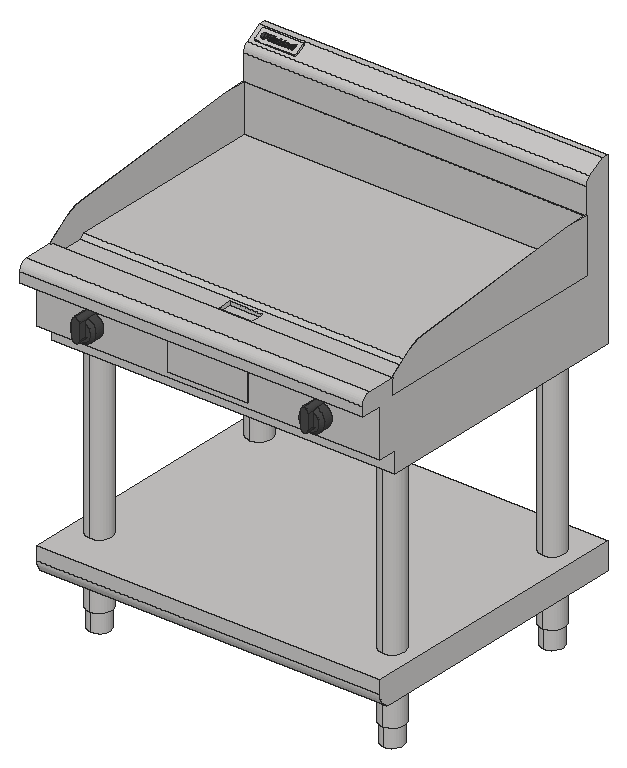
Revit family "QF_MOFFAT WALDORF_GP8900E-LS", category Specialty Equipment, Revit 2012
Parameters
  Weight in Pounds = 275.5775  # constant formula
  Width [instance] = 900.00 mm  # constant formula
  Watts = 12000 W
  Volts = 415 V
  URL Cutsheet = "www.moffat.com"
  URL = "www.moffat.com"
  Type Mark [instance] = ""
  Status [instance] = ""
  Specification by User [instance] = ""
  Specification by Manufacturer = ""
  Show Logo [instance] = yes
  Show Casters [instance] = no
  Serial Number = ""
  Seismic Rating = ""
  SMACNA No = ""
  Revision Code [instance] = ""
  Phase = 3
  Omniclass Number and Title = ""
  Number of Poles = 1
  NAFEM Spec ID Number = ""
  Model = "GP8900E-LS"
  Min Ckt Ampacity = 0 A
  Max Overcurrent Protection = 0 A
  Masterspec = ""
  Manufacturer = "MOFFAT WALDORF"
  Legs [instance] = not(Show Casters)  # yes
  Item Number [instance] = ""
  Installed By [instance] = ""
  Identify Quantity as Lot [instance] = yes
  Height = 1130.00 mm  # constant formula
  HP = ""
  Furnished By [instance] = ""
  Foodservice Equipment Identifier [instance] = yes
  FL Amps = 16.6 A
  Elec Conn RI Height = 0.00 mm
  Elec Conn Connection Height = 0.00 mm
  Description = "GRIDDLE PLATE ELECTRIC ON LEG STAND"
  Depth [instance] = 805.00 mm  # constant formula
  Cycle = 50 Hz
  Conn Plug = ""
  Conn Conduit = yes
  CSI MasterFormat = ""
  CSI Master Format = ""
  Back Splash [instance] = 215.00 mm  # constant formula
  Apparent Power = if(Phase = 3, Volts * FL Amps * 1.73, Volts * FL Amps)  # 11918 VA
Reference planes
  plane 1 "BACK": y = 0
  plane 2: z = 0
  plane 3 "LEFT": x = 0
  plane 4 "RIGHT": x = 900
  plane 5 "FRONT": y = -805
  plane 6 "TOP": z = 1130
  plane 7 "Center Y": x = 450
  plane 8 "Center X": y = -402.5
  plane 9 "Base Height": z = 150
  plane 10: z = 915
  plane 11: x = 65
  plane 12: x = 834
  plane 13: y = -625
  plane 14: y = -100
  plane 15: x = 770
  plane 16: y = -32
  plane 17: z = 710
Forms (mm)
  Extrusion 1, solid, material "QF_Finishes_Stainless Steel"
    sketch origin (0, 0, 0) x (0, 1, 0) y (0, 0, 1)
      loop
        line (0, 222.5) -> (-749, 222.5) -> (-749, 188)
        arc (-749, 188) -> (-737.87, 161.13) -> (-711, 150) r 38
        line (-711, 150) -> (0, 150) -> (0, 222.5)
      loop
        line (-805, 891) -> (-805, 866) -> (-749, 866) -> (-749, 740) -> (-699, 740) -> (-699, 685) -> (0, 685) -> (0, 1130) -> (-16.5, 1130) -> (-58, 1106.04)
        arc (-58, 1106.04) -> (-66.785, 1097.255) -> (-70, 1085.255) r 24
        line (-70, 1085.255) -> (-70, 875) -> (-705, 875) -> (-705, 915) -> (-781, 915)
        arc (-781, 915) -> (-797.971, 907.971) -> (-805, 891) r 24
    from 0 to 900
  Extrusion 2, solid, material "QF_Finishes_Stainless Steel"
    sketch origin (0, -699, 222.5) x (0, -1, 0) y (1, 0, 0)
      loop
        circle (-599, 65) r 31.75
      loop
        circle (-599, 834) r 31.75
      loop
        circle (-74, 65) r 31.75
      loop
        circle (-74, 834) r 31.75
    from 0 to 462.5
  Revolve 3, solid, material "QF_Finishes_Stainless Steel", visible <- "Legs"
    sketch origin (834, -210, 0) x (0, 1, 0) y (0, 0, -1)
      loop
        line (78.25, -150) -> (110, -150) -> (110, 0) -> (82.5, 0) -> (82.5, -50) -> (78.25, -50) -> (78.25, -150)
      axis (110, -150) -> (110, 0)
    angle from 0 to 360
  Revolve 4, solid, material "QF_Finishes_Stainless Steel"
    sketch origin (834, -735, 0) x (0, 1, 0) y (0, 0, -1)
      loop
        line (78.25, -150) -> (110, -150) -> (110, 0) -> (82.5, 0) -> (82.5, -50) -> (78.25, -50) -> (78.25, -150)
      axis (110, -150) -> (110, 0)
    angle from 0 to 360
  Revolve 5, solid, material "QF_Finishes_Stainless Steel", visible <- "Legs"
    sketch origin (65, -210, 0) x (0, 1, 0) y (0, 0, -1)
      loop
        line (78.25, -150) -> (110, -150) -> (110, 0) -> (82.5, 0) -> (82.5, -50) -> (78.25, -50) -> (78.25, -150)
      axis (110, -150) -> (110, 0)
    angle from 0 to 360
  Revolve 6, solid, material "QF_Finishes_Stainless Steel"
    sketch origin (65, -735, 0) x (0, 1, 0) y (0, 0, -1)
      loop
        line (78.25, -150) -> (110, -150) -> (110, 0) -> (82.5, 0) -> (82.5, -50) -> (78.25, -50) -> (78.25, -150)
      axis (110, -150) -> (110, 0)
    angle from 0 to 360
  Revolve 7, solid, material "QF_Finishes_Black"
    sketch origin (150, 0, 602.373) x (0, 1, 0) y (0, 0, -1)
      loop
        line (-782, -229.5) -> (-759, -229.5) -> (-759, -202) -> (-749, -202) -> (-749, -197) -> (-793, -197) -> (-793, -223.651) -> (-782, -229.5)
      axis (-793, -197) -> (-749, -197)
    angle from 0 to 360
  Extrusion 8, solid, material "QF_Finishes_Black"
    sketch origin (288.27, 0, 602.531) x (-1, 0, 0) y (0, 0, -1)
      loop
        arc (148.269, -184.969) -> (138.269, -174.969) -> (128.269, -184.969) r 10
        line (128.269, -184.969) -> (128.269, -223.969)
        arc (128.269, -223.969) -> (138.269, -233.969) -> (148.269, -223.969) r 10
        line (148.269, -223.969) -> (148.269, -184.969)
    from 759 to 808
  Extrusion 9, solid, material "QF_Finishes_Stainless Steel"
    sketch origin (-295, -749, 866) x (0, 0, -1) y (1, 0, 0)
      loop
        line (24, 640) -> (111, 640) -> (111, 850) -> (24, 850) -> (24, 640)
    from 0 to 2.5
  Extrusion 10, solid, material "QF_Finishes_Stainless Steel"
    sketch origin (-295, -751.5, 866) x (0, 0, -1) y (1, 0, 0)
      loop
        line (31, 850) -> (24, 850) -> (24, 640) -> (31, 640) -> (31, 850)
    from 0 to 5
  Extrusion 11, void
    sketch origin (0, -699, 685) x (1, 0, 0) y (0, -1, 0)
      loop
        circle (770, -667) r 13.5
    from 2 to -25
  Revolve 12, solid, material "QF_Finishes_Black"
    sketch origin (750, 0, 602.373) x (0, 1, 0) y (0, 0, 1)
      loop
        line (-782, 229.5) -> (-793, 223.651) -> (-793, 197) -> (-749, 197) -> (-749, 202) -> (-759, 202) -> (-759, 229.5) -> (-782, 229.5)
      axis (-793, 197) -> (-749, 197)
    angle from 0 to 360
  Extrusion 13, solid, material "QF_Finishes_Black"
    sketch origin (611.73, 0, 602.531) x (1, 0, 0) y (0, 0, 1)
      loop
        line (148.269, 184.969) -> (148.269, 223.969)
        arc (148.269, 223.969) -> (138.269, 233.969) -> (128.269, 223.969) r 10
        line (128.269, 223.969) -> (128.269, 184.969)
        arc (128.269, 184.969) -> (138.269, 174.969) -> (148.269, 184.969) r 10
    from 759 to 808
Cuts and joins
  joined: Extrusion 9, Extrusion 10
  Extrusion 11 cuts Extrusion 1
Lines and regions (mm)
  Split face 1
    outline origin (12.5, -16.5, 1130) x (0, -0.866025, -0.5) y (1, 0, 0)
      loop
        line (5.391, 151.462) -> (40.361, 151.462) -> (40.361, 169.241) -> (5.391, 169.241) -> (5.391, 151.462)
  Split face 2
    outline origin (66.25, -16.5, 1130) x (0, -0.866025, -0.5) y (1, 0, 0)
      loop
        line (5.391, 151.462) -> (40.361, 151.462) -> (40.361, 169.241) -> (5.391, 169.241) -> (5.391, 151.462)
  Split face 3
    outline origin (120, -16.5, 1130) x (0, -0.866025, -0.5) y (1, 0, 0)
      loop
        line (5.391, 151.462) -> (40.361, 151.462) -> (40.361, 169.241) -> (5.391, 169.241) -> (5.391, 151.462)
  Split face 4
    outline origin (-121.25, -16.5, 1130) x (0, -0.866025, -0.5) y (1, 0, 0)
      loop
        line (5.391, 451.462) -> (40.361, 451.462) -> (40.361, 469.241) -> (5.391, 469.241) -> (5.391, 451.462)
  Split face 5
    outline origin (-67.5, -16.5, 1130) x (0, -0.866025, -0.5) y (1, 0, 0)
      loop
        line (5.391, 451.462) -> (40.361, 451.462) -> (40.361, 469.241) -> (5.391, 469.241) -> (5.391, 451.462)
  Split face 6
    outline origin (-13.75, -16.5, 1130) x (0, -0.866025, -0.5) y (1, 0, 0)
      loop
        line (5.391, 451.462) -> (40.361, 451.462) -> (40.361, 469.241) -> (5.391, 469.241) -> (5.391, 451.462)
  Split face 7
    outline origin (40, -16.5, 1130) x (0, -0.866025, -0.5) y (1, 0, 0)
      loop
        line (5.391, 451.462) -> (40.361, 451.462) -> (40.361, 469.241) -> (5.391, 469.241) -> (5.391, 451.462)
  Split face 8
    outline origin (95, -16.5, 1130) x (0, -0.866025, -0.5) y (1, 0, 0)
      loop
        line (5.391, 451.462) -> (40.361, 451.462) -> (40.361, 469.241) -> (5.391, 469.241) -> (5.391, 451.462)
  Split face 9
    outline origin (150, -16.5, 1130) x (0, -0.866025, -0.5) y (1, 0, 0)
      loop
        line (5.391, 451.462) -> (40.361, 451.462) -> (40.361, 469.241) -> (5.391, 469.241) -> (5.391, 451.462)
  Split face 10
    outline origin (205, -16.5, 1130) x (0, -0.866025, -0.5) y (1, 0, 0)
      loop
        line (5.391, 451.462) -> (40.361, 451.462) -> (40.361, 469.241) -> (5.391, 469.241) -> (5.391, 451.462)
  symbolic lines
    curve 1: line (0, 0, 0) -> (0, -805, 0)
    curve 2: line (900, 0, 0) -> (0, 0, 0)
    curve 3: line (900, -805, 0) -> (900, 0, 0)
    curve 4: line (0, -70, 0) -> (900, -70, 0)
    curve 5: line (0, -805, 0) -> (900, -805, 0)
    curve 6: line (12.5, -20.958, 0) -> (121.5, -20.958, 0)
    curve 7: line (12.5, -51.234, 0) -> (12.5, -20.958, 0)
    curve 8: line (121.5, -20.958, 0) -> (121.5, -51.234, 0)
    curve 9: line (12.5, -51.234, 0) -> (121.5, -51.234, 0)
    curve 10: line (181.741, -21.168, 0) -> (181.741, -51.453, 0)
    curve 11: line (181.741, -51.453, 0) -> (163.962, -51.453, 0)
    curve 12: line (163.962, -51.453, 0) -> (163.962, -21.168, 0)
    curve 13: line (163.962, -21.168, 0) -> (181.741, -21.168, 0)
    curve 14: line (217.712, -51.453, 0) -> (217.712, -21.168, 0)
    curve 15: line (217.712, -21.168, 0) -> (235.491, -21.168, 0)
    curve 16: line (235.491, -21.168, 0) -> (235.491, -51.453, 0)
    curve 17: line (235.491, -51.453, 0) -> (217.712, -51.453, 0)
    curve 18: line (271.462, -51.453, 0) -> (271.462, -21.168, 0)
    curve 19: line (271.462, -21.168, 0) -> (289.241, -21.168, 0)
    curve 20: line (289.241, -21.168, 0) -> (289.241, -51.453, 0)
    curve 21: line (289.241, -51.453, 0) -> (271.462, -51.453, 0)
    curve 22: line (330.212, -51.453, 0) -> (330.212, -21.168, 0)
    curve 23: line (330.212, -21.168, 0) -> (347.991, -21.168, 0)
    curve 24: line (347.991, -21.168, 0) -> (347.991, -51.453, 0)
    curve 25: line (347.991, -51.453, 0) -> (330.212, -51.453, 0)
    curve 26: line (383.962, -51.453, 0) -> (401.741, -51.453, 0)
    curve 27: line (401.741, -51.453, 0) -> (401.741, -21.168, 0)
    curve 28: line (401.741, -21.168, 0) -> (383.962, -21.168, 0)
    curve 29: line (383.962, -21.168, 0) -> (383.962, -51.453, 0)
    curve 30: line (437.712, -51.453, 0) -> (455.491, -51.453, 0)
    curve 31: line (455.491, -51.453, 0) -> (455.491, -21.168, 0)
    curve 32: line (455.491, -21.168, 0) -> (437.712, -21.168, 0)
    curve 33: line (437.712, -21.168, 0) -> (437.712, -51.453, 0)
    curve 34: line (491.462, -51.453, 0) -> (509.241, -51.453, 0)
    curve 35: line (509.241, -51.453, 0) -> (509.241, -21.168, 0)
    curve 36: line (509.241, -21.168, 0) -> (491.462, -21.168, 0)
    curve 37: line (491.462, -21.168, 0) -> (491.462, -51.453, 0)
    curve 38: line (546.462, -51.453, 0) -> (564.241, -51.453, 0)
    curve 39: line (564.241, -51.453, 0) -> (564.241, -21.168, 0)
    curve 40: line (564.241, -21.168, 0) -> (546.462, -21.168, 0)
    curve 41: line (546.462, -21.168, 0) -> (546.462, -51.453, 0)
    curve 42: line (601.462, -51.453, 0) -> (619.241, -51.453, 0)
    curve 43: line (619.241, -51.453, 0) -> (619.241, -21.168, 0)
    curve 44: line (619.241, -21.168, 0) -> (601.462, -21.168, 0)
    curve 45: line (601.462, -21.168, 0) -> (601.462, -51.453, 0)
    curve 46: line (656.462, -51.453, 0) -> (674.241, -51.453, 0)
    curve 47: line (674.241, -51.453, 0) -> (674.241, -21.168, 0)
    curve 48: line (674.241, -21.168, 0) -> (656.462, -21.168, 0)
    curve 49: line (656.462, -21.168, 0) -> (656.462, -51.453, 0)
Dimensions and locks
  equal spacing: plane 3 "LEFT", plane 7 "Center Y", plane 4 "RIGHT"
  "Width": plane 3 "LEFT" to plane 4 "RIGHT"
  equal spacing: plane 5 "FRONT", plane 8 "Center X", plane 1 "BACK"
  "Depth": plane 5 "FRONT" to plane 1 "BACK"
  locked: plane 10 to level at 915
  locked: plane 9 "Base Height" to level at 150
  plane 6 "TOP" to plane 10 = 215.00 mm
  plane 13 to plane 14 = 525.00 mm
  "Height": plane 6 "TOP" to level
  plane 15 to plane 4 "RIGHT" = 130.00 mm
  plane 16 to plane 1 "BACK" = 32.00 mm
  plane 17 to level = 710.00 mm
  aligned and locked: level to plane 2
Automatic sketch dimensions
  plane 1 "BACK" to curve 1 = 0.00 mm
  curve 1 to plane 3 "LEFT" = 0.00 mm
  curve 2 to plane 4 "RIGHT" = 0.00 mm
  plane 5 "FRONT" to curve 5 = 0.00 mm
  plane 3 "LEFT" to curve 6 = 12.50 mm
  curve 9 to plane 16 = 19.234 mm
  plane 11 to curve 9 = 56.50 mm
  plane 16 to curve 12 = 10.832 mm
  curve 6 to curve 12 = 42.462 mm
  curve 12 to curve 13 = 17.779 mm
  curve 10 to curve 14 = 35.971 mm
  curve 14 to curve 15 = 17.779 mm
  plane 16 to curve 19 = 10.832 mm
  curve 15 to curve 19 = 35.971 mm
  curve 18 to curve 20 = 17.779 mm
  curve 22 to plane 16 = 19.453 mm
  curve 20 to curve 22 = 40.971 mm
  curve 22 to curve 24 = 17.779 mm
  plane 16 to curve 29 = 10.832 mm
  curve 23 to curve 29 = 35.971 mm
  curve 28 to curve 27 = 17.779 mm
  curve 33 to plane 7 "Center Y" = 12.288 mm
  plane 7 "Center Y" to curve 31 = 5.491 mm
  plane 16 to curve 36 = 10.832 mm
  curve 31 to curve 36 = 35.971 mm
  curve 36 to curve 36 = 17.779 mm
  plane 16 to curve 40 = 10.832 mm
  curve 35 to curve 40 = 37.221 mm
  curve 40 to curve 40 = 17.779 mm
  curve 38 to curve 45 = 37.221 mm
  curve 44 to curve 43 = 17.779 mm
  plane 16 to curve 48 = 10.832 mm
  curve 43 to curve 48 = 37.221 mm
  curve 48 to curve 48 = 17.779 mm
  curve 4 to curve 7 = 18.766 mm
  curve 46 to plane 16 = 19.453 mm
  curve 45 to plane 16 = 19.453 mm
  curve 41 to plane 16 = 19.453 mm
  curve 37 to plane 16 = 19.453 mm
  curve 10 to plane 16 = 19.453 mm
  curve 14 to plane 16 = 19.453 mm
  curve 33 to plane 16 = 19.453 mm
  curve 18 to plane 16 = 19.453 mm
  curve 29 to plane 16 = 19.453 mm
  plane 16 to curve 16 = 10.832 mm
  plane 16 to curve 22 = 10.832 mm
  plane 16 to curve 32 = 10.832 mm
  plane 16 to curve 43 = 10.832 mm
  plane 16 to curve 7 = 11.042 mm
  Extrusion 1 sketch curve to plane 5 "FRONT" = 0.00 mm
  Extrusion 1 sketch curve to plane 10 = 0.00 mm
  Extrusion 1 sketch curve to plane 9 "Base Height" = 0.00 mm
  Extrusion 1 sketch curve to plane 6 "TOP" = 0.00 mm
  Extrusion 1 sketch curve to plane 1 "BACK" = 0.00 mm  (x2)
  Extrusion 1 sketch curve to plane 5 "FRONT" = 24.00 mm
  Extrusion 1 sketch curve to plane 5 "FRONT" = 56.00 mm  (x2)
  Extrusion 1 sketch curve to Extrusion 1 sketch curve = 38.00 mm
  Extrusion 1 sketch curve to Extrusion 1 sketch curve = 44.00 mm
  Extrusion 1 sketch curve to Extrusion 1 sketch curve = 50.00 mm
  plane 14 to Extrusion 1 sketch curve = 30.00 mm
  Extrusion 1 sketch curve to Extrusion 1 sketch curve = 12.00 mm
  Extrusion 1 sketch curve to plane 16 = 14.00 mm
  plane 16 to Extrusion 1 sketch curve = 15.50 mm
  Extrusion 1 sketch curve to Extrusion 1 sketch curve = 72.50 mm
  Extrusion 1 sketch curve to Extrusion 1 sketch curve = 55.00 mm
  Extrusion 1 sketch curve to Extrusion 1 sketch curve = 25.00 mm
  Extrusion 1 sketch curve to plane 10 = 40.00 mm
  Extrusion 1 sketch curve to plane 6 "TOP" = 44.745 mm
  Extrusion 2 sketch curve to Extrusion 2 sketch curve = 0.00 mm  (x8)
  Extrusion 1 to Extrusion 2 sketch curve = 68.25 mm  (x2)
  Extrusion 2 sketch curve to Extrusion 2 sketch curve = 31.75 mm  (x4)
  Extrusion 1 to Extrusion 2 sketch curve = 155.75 mm  (x2)
  Extrusion 1 to Extrusion 2 sketch curve = 65.00 mm  (x2)
  Extrusion 1 to Extrusion 2 sketch curve = 66.00 mm  (x2)
  Revolve 3 sketch curve to plane 9 "Base Height" = 0.00 mm
  Revolve 3 sketch curve to level = 0.00 mm
  Revolve 3 sketch curve to plane 14 = 0.00 mm  (x2)
  Revolve 3 sketch curve to plane 14 = 27.50 mm
  Revolve 3 sketch curve to plane 14 = 31.75 mm
  level to Revolve 3 sketch curve = 50.00 mm
  Revolve 3 sketch curve to Revolve 3 sketch curve = 0.00 mm
  Revolve 3 sketch curve to Revolve 3 sketch curve = 55.00 mm
  Revolve 4 sketch curve to plane 9 "Base Height" = 0.00 mm
  Revolve 4 sketch curve to level = 0.00 mm
  Revolve 4 sketch curve to plane 13 = 0.00 mm  (x2)
  Revolve 4 sketch curve to plane 13 = 27.50 mm
  Revolve 4 sketch curve to plane 13 = 31.75 mm
  level to Revolve 4 sketch curve = 50.00 mm
  Revolve 4 sketch curve to Revolve 4 sketch curve = 0.00 mm
  Revolve 4 sketch curve to Revolve 4 sketch curve = 55.00 mm
  Revolve 5 sketch curve to plane 9 "Base Height" = 0.00 mm
  Revolve 5 sketch curve to level = 0.00 mm
  Revolve 5 sketch curve to plane 14 = 0.00 mm  (x2)
  Revolve 5 sketch curve to plane 14 = 27.50 mm
  Revolve 5 sketch curve to plane 14 = 31.75 mm
  level to Revolve 5 sketch curve = 50.00 mm
  Revolve 5 sketch curve to Revolve 5 sketch curve = 0.00 mm
  Revolve 5 sketch curve to Revolve 5 sketch curve = 55.00 mm
  Revolve 6 sketch curve to plane 9 "Base Height" = 0.00 mm
  Revolve 6 sketch curve to level = 0.00 mm
  Revolve 6 sketch curve to plane 13 = 0.00 mm  (x2)
  Revolve 6 sketch curve to plane 13 = 27.50 mm
  Revolve 6 sketch curve to plane 13 = 31.75 mm
  level to Revolve 6 sketch curve = 50.00 mm
  Revolve 6 sketch curve to Revolve 6 sketch curve = 0.00 mm
  Revolve 6 sketch curve to Revolve 6 sketch curve = 55.00 mm
  Extrusion 1 to Split face 1 sketch curve = 5.391 mm
  Split face 1 sketch curve to Extrusion 1 = 7.559 mm
  Split face 1 sketch curve to Extrusion 1 = 163.962 mm
  Split face 1 sketch curve to Split face 1 sketch curve = 17.779 mm
  Extrusion 1 to Split face 2 sketch curve = 5.391 mm
  Split face 2 sketch curve to Extrusion 1 = 7.559 mm
  Split face 2 sketch curve to Extrusion 1 = 217.712 mm
  Split face 2 sketch curve to Split face 2 sketch curve = 17.779 mm
  Extrusion 1 to Split face 3 sketch curve = 5.391 mm
  Split face 3 sketch curve to Extrusion 1 = 7.559 mm
  Split face 3 sketch curve to Extrusion 1 = 271.462 mm
  Split face 3 sketch curve to Split face 3 sketch curve = 17.779 mm
  Extrusion 1 to Split face 4 sketch curve = 5.391 mm
  Split face 4 sketch curve to Extrusion 1 = 7.559 mm
  Split face 4 sketch curve to Extrusion 1 = 330.212 mm
  Split face 4 sketch curve to Split face 4 sketch curve = 17.779 mm
  Extrusion 1 to Split face 5 sketch curve = 5.391 mm
  Split face 5 sketch curve to Extrusion 1 = 7.559 mm
  Split face 5 sketch curve to Extrusion 1 = 383.962 mm
  Split face 5 sketch curve to Split face 5 sketch curve = 17.779 mm
  Extrusion 1 to Split face 6 sketch curve = 5.391 mm
  Split face 6 sketch curve to Extrusion 1 = 7.559 mm
  Split face 6 sketch curve to Extrusion 1 = 437.712 mm
  Split face 6 sketch curve to Split face 6 sketch curve = 17.779 mm
  Extrusion 1 to Split face 7 sketch curve = 5.391 mm
  Split face 7 sketch curve to Extrusion 1 = 7.559 mm
  Split face 7 sketch curve to Extrusion 1 = 408.538 mm
  Split face 7 sketch curve to Split face 7 sketch curve = 17.779 mm
  Revolve 7 sketch curve to plane 5 "FRONT" = 12.00 mm
  Revolve 7 sketch curve to Revolve 7 sketch curve = 0.00 mm  (x2)
  Revolve 7 sketch curve to Revolve 7 sketch curve = 11.00 mm
  Revolve 7 sketch curve to Revolve 7 sketch curve = 12.70 mm
  Revolve 7 sketch curve to Revolve 7 sketch curve = 23.00 mm
  Revolve 7 sketch curve to Revolve 7 sketch curve = 10.00 mm
  Revolve 7 sketch curve to plane 10 = 83.127 mm
  Revolve 7 sketch curve to Revolve 7 sketch curve = 5.849 mm
  Revolve 7 sketch curve to Revolve 7 sketch curve = 27.50 mm
  Revolve 7 sketch curve to Revolve 7 sketch curve = 5.00 mm
  plane 11 to Extrusion 8 sketch curve = 95.001 mm
  Extrusion 8 sketch curve to Extrusion 8 sketch curve = 10.00 mm
  Extrusion 8 sketch curve to plane 10 = 88.50 mm
  Extrusion 8 sketch curve to Extrusion 8 sketch curve = 39.00 mm
  Extrusion 1 to Extrusion 9 sketch curve = 24.00 mm
  Extrusion 9 sketch curve to Extrusion 1 = 15.00 mm
  Extrusion 1 to Extrusion 9 sketch curve = 345.00 mm
  Extrusion 9 sketch curve to Extrusion 9 sketch curve = 210.00 mm
  Extrusion 10 sketch curve to Extrusion 9 = 0.00 mm  (x2)
  Extrusion 9 to Extrusion 10 sketch curve = 0.00 mm
  Extrusion 10 sketch curve to Extrusion 9 = 7.00 mm
  Revolve 12 sketch curve to plane 5 "FRONT" = 12.00 mm
  Revolve 12 sketch curve to Revolve 12 sketch curve = 0.00 mm  (x2)
  Revolve 12 sketch curve to Revolve 12 sketch curve = 11.00 mm
  Revolve 12 sketch curve to Revolve 12 sketch curve = 12.70 mm
  Revolve 12 sketch curve to Revolve 12 sketch curve = 23.00 mm
  Revolve 12 sketch curve to Revolve 12 sketch curve = 10.00 mm
  Revolve 12 sketch curve to plane 10 = 115.627 mm
  Revolve 12 sketch curve to Revolve 12 sketch curve = 5.00 mm
  Revolve 12 sketch curve to Revolve 12 sketch curve = 26.651 mm
  Revolve 12 sketch curve to Revolve 12 sketch curve = 5.849 mm
  Extrusion 13 sketch curve to plane 15 = 30.001 mm
  Extrusion 13 sketch curve to Extrusion 13 sketch curve = 10.00 mm
  Extrusion 13 sketch curve to plane 10 = 127.50 mm
  Extrusion 13 sketch curve to Extrusion 13 sketch curve = 39.00 mm
  Extrusion 1 to Split face 8 sketch curve = 5.391 mm
  Split face 8 sketch curve to Extrusion 1 = 7.559 mm
  Split face 8 sketch curve to Extrusion 1 = 353.538 mm
  Split face 8 sketch curve to Split face 8 sketch curve = 17.779 mm
  Extrusion 1 to Split face 9 sketch curve = 5.391 mm
  Split face 9 sketch curve to Extrusion 1 = 7.559 mm
  Split face 9 sketch curve to Extrusion 1 = 298.538 mm
  Split face 9 sketch curve to Split face 9 sketch curve = 17.779 mm
  Extrusion 1 to Split face 10 sketch curve = 5.391 mm
  Split face 10 sketch curve to Extrusion 1 = 7.559 mm
  Split face 10 sketch curve to Extrusion 1 = 243.538 mm
  Split face 10 sketch curve to Split face 10 sketch curve = 17.779 mm
  Extrusion 1 sketch curve to Extrusion 1 sketch curve = 190.00 mm
  Extrusion 11 sketch curve to Extrusion 1 = 32.00 mm
  Extrusion 11 sketch curve to Extrusion 1 = 130.00 mm
  radius of Extrusion 11 sketch curve = 13.50 mm
Nested families
  nested 1: "GP8900E-LS-CASTERS" at (65, -127.5, 0), Show Casters <- "Show Casters", visible <- "Show Casters", type "GP8600E-LS-CASTERS"
    with Type Mark "", Status "", Specification by User "", Show Casters no, Revision Code "", Item Number "", Installed By "", Identify Quantity as Lot yes, Furnished By "", Foodservice Equipment Identifier yes
  nested 2: "GP8900E-LS-CASTERS" at (835, -127.5, 0), Show Casters <- "Show Casters", visible <- "Show Casters", type "GP8600E-LS-CASTERS"
    with Type Mark "", Status "", Specification by User "", Show Casters no, Revision Code "", Item Number "", Installed By "", Identify Quantity as Lot yes, Furnished By "", Foodservice Equipment Identifier yes
  nested 3: "GAS GRIDDLE PLATE" at (0, -70, 875), type "GAS GRIDDLE PLATE"
    with Type Mark "", Status "", Specification by User "", Show Clearance yes, Revision Code "", Number of Poles 1, Mechanical Remarks "", Mechanical Connection Type "", Item Number "", Installed By "", Identify Quantity as Lot yes, Gas RI Height 0.00 mm, Gas KW 0, Gas Input 0.0 Btu/h, Furnished By "", Foodservice Equipment Identifier yes, Electrical Remarks "", Electric Connection Type "", Elec Conn RI Height 0.00 mm, Elec Conn Connection Height 0.00 mm
  nested 4: "WALDORF LOGO_FACE BASE" at (12.5, -22.145, 1126.741) x (1, 0, 0) z (0, -0.5, 0.866), visible <- "Show Logo", type "WALDORF LOGO_FACE BASE", detail levels medium+fine
    with Show Logo yes
Connectors
  electrical at (770, -32, 710), driven by "Volts", driven by "Watts"
    settings: on cut or joined group of Extrusion 1, Extrusion 11, index 1, voltage 415 V, apparent load 0 VA, apparent load phase1 12000 VA, apparent load phase2 0 VA, apparent load phase3 0 VA, power factor 1, load classification "Other", number of poles 1, system type 30, power factor state 1, is connector primary yes, connector utility no, sub classification motor no, connector description "ELECTRICAL CONNECTION"
Definition of nested family "GAS GRIDDLE PLATE"
  Parameters (values of type "GAS GRIDDLE PLATE")
    Weight in Pounds = 0
    Watts = 0 W
    Volts = 0 V
    URL Cutsheet = ""
    Type Mark [instance] = ""
    Status [instance] = ""
    Specification by User [instance] = ""
    Specification by Manufacturer = ""
    Show Clearance [instance] = yes
    Serial Number = ""
    Seismic Rating = ""
    SMACNA No = ""
    Revision Code [instance] = ""
    Phase = 1
    Omniclass Number and Title = ""
    Number of Poles [instance] = 1
    NAFEM Spec ID Number = ""
    Min Ckt Ampacity = 0 A
    Mechanical Remarks [instance] = ""
    Mechanical Connection Type [instance] = ""
    Max Overcurrent Protection = 0 A
    Masterspec = ""
    Item Number [instance] = ""
    Installed By [instance] = ""
    Identify Quantity as Lot [instance] = yes
    HP = ""
    Gas Size = 0"
    Gas RI Height [instance] = 0.00 mm
    Gas KW [instance] = 0
    Gas Input [instance] = 0.0 Btu/h
    Gas Connection Height = 0.00 mm
    Furnished By [instance] = ""
    Foodservice Equipment Identifier [instance] = yes
    FL Amps = 0 A
    Electrical Remarks [instance] = ""
    Electric Connection Type [instance] = ""
    Elec Conn RI Height [instance] = 0.00 mm
    Elec Conn Connection Height [instance] = 0.00 mm
    Cycle = 0 Hz
    Conn Plug = ""
    Conn Conduit = yes
    CSI MasterFormat = ""
    CSI Master Format = ""
    Apparent Power = if(Phase = 3, Volts * FL Amps * 1.73, Volts * FL Amps)  # 0 VA
  Reference planes
    plane 1 "BACK": y = 0
    plane 2: z = 0
    plane 3 "LEFT": x = 0
    plane 4 "RIGHT": x = 900
    plane 5 "FRONT": y = -634.4
    plane 6 "TOP": z = 142.5
    plane 7 "Center Y": x = 450
    plane 8 "Center X": y = -317.2
  Forms (mm)
    Extrusion 1, solid, material "QF_Finishes_Stainless Steel"
      sketch origin (0, 70.003, -875) x (0, 1, 0) y (0, 0, 1)
        loop
          line (-70, 875) -> (-70, 1017.5) -> (-126.948, 1017.5) -> (-604.433, 971.523)
          arc (-604.433, 971.523) -> (-629.46, 965.803) -> (-652.206, 953.899) r 100
          line (-652.206, 953.899) -> (-704.403, 917.35) -> (-704.403, 875) -> (-70, 875)
      from 0 to 1.8
    Extrusion 2, solid, material "QF_Finishes_Stainless Steel"
      sketch origin (150, 70.003, -875) x (0, 1, 0) y (0, 0, 1)
        loop
          line (-70, 895) -> (-601, 895) -> (-611.5, 884.5) -> (-704.403, 884.5) -> (-704.403, 875) -> (-70, 875) -> (-70, 895)
      from -148.2 to 748.2
    Extrusion 3, void
      sketch origin (150, -541.497, 9.5) x (0, -1, 0) y (1, 0, 0)
        loop
          line (10, 344.25) -> (10, 255.75) -> (48.5, 255.75) -> (48.5, 344.25) -> (10, 344.25)
      from -41.4 to 40.142
    Extrusion 4, solid, material "QF_Finishes_Stainless Steel"
      sketch origin (150, 0.003, 211.074) x (0, 0, -1) y (1, 0, 0)
        loop
          line (68.574, -148.2) -> (191.074, -148.2) -> (191.074, 748.2) -> (68.574, 748.2) -> (68.574, -148.2)
      from 0 to 1.683
    Extrusion 5, solid, material "QF_Finishes_Stainless Steel"
      sketch origin (900, 70.003, -875) x (0, 1, 0) y (0, 0, -1)
        loop
          line (-70, -875) -> (-704.403, -875) -> (-704.403, -917.35) -> (-652.206, -953.899)
          arc (-652.206, -953.899) -> (-629.46, -965.803) -> (-604.433, -971.523) r 100
          line (-604.433, -971.523) -> (-126.948, -1017.5) -> (-70, -1017.5) -> (-70, -875)
      from 0 to 1.8
  Cuts and joins
    Extrusion 3 cuts Extrusion 2
  Lines and regions (mm)
    symbolic lines
      curve 1: line (898.8, -530.997, 0) -> (1.8, -530.997, 0)
      curve 2: line (1.8, -541.497, 0) -> (898.8, -541.497, 0)
      curve 3: line (405.75, -551.497, 0) -> (405.75, -589.997, 0)
      curve 4: line (405.75, -589.997, 0) -> (494.25, -589.997, 0)
      curve 5: line (494.25, -589.997, 0) -> (494.25, -551.497, 0)
      curve 6: line (494.25, -551.497, 0) -> (405.75, -551.497, 0)
      curve 7: line (1.8, -1.68, 0) -> (898.8, -1.68, 0)
      curve 8: line (898.8, -1.68, 0) -> (898.8, -634.4, 0)
      curve 9: line (1.8, -634.4, 0) -> (1.8, -1.68, 0)
      curve 10: line (1.8, -634.4, 0) -> (898.8, -634.4, 0)
  Dimensions and locks
    equal spacing: plane 3 "LEFT", plane 7 "Center Y", plane 4 "RIGHT"
    plane 3 "LEFT" to plane 4 "RIGHT" = 900.00 mm
    equal spacing: plane 5 "FRONT", plane 8 "Center X", plane 1 "BACK"
    plane 5 "FRONT" to plane 1 "BACK" = 634.40 mm
    aligned and locked: level to plane 2
  Automatic sketch dimensions
    plane 5 "FRONT" to curve 10 = 0.00 mm
    plane 3 "LEFT" to curve 10 = 1.80 mm
    curve 4 to plane 5 "FRONT" = 44.403 mm
    plane 4 "RIGHT" to curve 4 = 494.25 mm
    plane 4 "RIGHT" to curve 5 = 405.75 mm
    plane 4 "RIGHT" to curve 8 = 1.20 mm
    curve 3 to curve 3 = 38.50 mm
    curve 2 to plane 5 "FRONT" = 92.903 mm
    curve 2 to curve 1 = 10.50 mm
    plane 1 "BACK" to curve 9 = 1.68 mm
    Extrusion 1 sketch curve to level = 0.00 mm
    Extrusion 1 sketch curve to plane 5 "FRONT" = 0.00 mm
    Extrusion 1 sketch curve to plane 6 "TOP" = 0.00 mm
    Extrusion 1 sketch curve to plane 5 "FRONT" = 52.197 mm
    Extrusion 1 sketch curve to Extrusion 1 sketch curve = 47.773 mm
    Extrusion 1 sketch curve to level = 3.016 mm
    Extrusion 1 sketch curve to Extrusion 1 sketch curve = 9.585 mm
    plane 1 "BACK" to Extrusion 1 sketch curve = 56.945 mm
    Extrusion 1 sketch curve to plane 1 "BACK" = 0.003 mm
    level to Extrusion 1 sketch curve = 42.35 mm
    Extrusion 1 sketch curve to plane 6 "TOP" = 63.601 mm
    Extrusion 2 sketch curve to level = 0.00 mm
    Extrusion 2 sketch curve to plane 5 "FRONT" = 0.00 mm
    level to Extrusion 2 sketch curve = 9.50 mm
    Extrusion 2 sketch curve to Extrusion 2 sketch curve = 92.903 mm
    Extrusion 2 sketch curve to Extrusion 2 sketch curve = 10.50 mm  (x2)
    Extrusion 2 sketch curve to plane 1 "BACK" = 0.003 mm
    Extrusion 2 to Extrusion 3 sketch curve = 10.00 mm
    Extrusion 3 sketch curve to Extrusion 3 sketch curve = 38.50 mm
    Extrusion 2 to Extrusion 3 sketch curve = 492.45 mm
    Extrusion 2 to Extrusion 3 sketch curve = 403.95 mm
    Extrusion 4 sketch curve to plane 6 "TOP" = 0.00 mm
    level to Extrusion 4 sketch curve = 20.00 mm
    plane 3 "LEFT" to Extrusion 4 sketch curve = 1.80 mm
    plane 7 "Center Y" to Extrusion 4 sketch curve = 448.20 mm
    Extrusion 5 sketch curve to level = 0.00 mm
    Extrusion 5 sketch curve to plane 5 "FRONT" = 0.00 mm
    Extrusion 5 sketch curve to plane 6 "TOP" = 0.00 mm
    Extrusion 5 sketch curve to plane 5 "FRONT" = 52.197 mm
    Extrusion 5 sketch curve to Extrusion 5 sketch curve = 47.773 mm
    Extrusion 5 sketch curve to level = 3.016 mm
    Extrusion 5 sketch curve to Extrusion 5 sketch curve = 57.358 mm
    plane 1 "BACK" to Extrusion 5 sketch curve = 56.945 mm
    Extrusion 5 sketch curve to plane 1 "BACK" = 0.003 mm
    Extrusion 5 sketch curve to plane 6 "TOP" = 45.977 mm
    level to Extrusion 5 sketch curve = 42.35 mm
Definition of nested family "WALDORF LOGO_FACE BASE"
  Parameters (values of type "WALDORF LOGO_FACE BASE")
    Show Logo [instance] = yes
    Default Elevation = 1219.20 mm
  Reference planes
    plane 1 "Center (Front/Back)": y = 0
    plane 2: z = 0
    plane 3 "Center (Left/Right)": x = 0
  Forms (mm)
    Extrusion 1, solid
      sketch origin (0, 0, 0) x (1, 0, 0) y (0, 1, 0)
        loop
          line (-1219.2, 1219.2) -> (-1219.2, -1219.2) -> (1219.2, -1219.2) -> (1219.2, 1219.2) -> (-1219.2, 1219.2)
      from 0 to -304.8
    Extrusion 2, solid, material "QF_Finishes_Stainless Steel", visible <- "Show Logo"
      sketch origin (0, -33.217, 0) x (1, 0, 0) y (0, 1, 0)
        loop
          arc (5, 34.14) -> (1.464, 32.676) -> (0, 29.14) r 5
          line (0, 29.14) -> (0, 5)
          arc (0, 5) -> (1.464, 1.464) -> (5, 0) r 5
          line (5, 0) -> (104, 0)
          arc (104, 0) -> (107.536, 1.464) -> (109, 5) r 5
          line (109, 5) -> (109, 29.14)
          arc (109, 29.14) -> (107.536, 32.676) -> (104, 34.14) r 5
          line (104, 34.14) -> (5, 34.14)
      from 0 to 1.588
    Extrusion 3, solid, material "QF_Finishes_Black", visible <- "Show Logo"
      sketch origin (0, -33.217, 1.588) x (1, 0, 0) y (0, 1, 0)
        loop
          line (24.772, 23.214) -> (27.992, 10.301) -> (31.551, 10.301) -> (33.443, 17.364) -> (35.205, 10.301) -> (39.332, 10.301) -> (42.077, 23.214) -> (38.352, 23.214) -> (36.676, 15.33) -> (35, 23.214) -> (31.752, 23.214) -> (30.076, 15.33) -> (28.4, 23.214) -> (24.772, 23.214)
        loop
          line (42.272, 17.055) -> (45.703, 17.055)
          spline (45.703, 17.055) -> (45.741, 17.285) -> (45.852, 17.499) -> (46.028, 17.682) -> (46.258, 17.823) -> (46.526, 17.912) -> (46.813, 17.942) -> (47.1, 17.912) -> (47.368, 17.823) -> (47.597, 17.682) -> (47.774, 17.499) -> (47.884, 17.285) -> (47.922, 17.055)
          line (47.922, 17.055) -> (47.922, 16.222)
          arc (47.922, 16.222) -> (45.742, 16.014) -> (43.665, 15.317) r 9.604
          arc (43.665, 15.317) -> (41.924, 12.809) -> (43.665, 10.301) r 2.677
          arc (43.665, 10.301) -> (45.527, 10.353) -> (47.332, 10.816) r 8.365
          line (47.332, 10.816) -> (48.092, 11.105) -> (48.092, 10.301) -> (51.817, 10.301) -> (51.817, 17.055)
          spline (51.817, 17.055) -> (51.654, 17.821) -> (51.178, 18.535) -> (50.419, 19.148) -> (49.431, 19.619) -> (48.28, 19.914) -> (47.044, 20.015) -> (45.809, 19.914) -> (44.658, 19.619) -> (43.67, 19.148) -> (42.911, 18.535) -> (42.434, 17.821) -> (42.272, 17.055)
        loop
          line (53.151, 23.214) -> (53.151, 10.301) -> (57.37, 10.301) -> (57.37, 23.214) -> (53.151, 23.214)
        loop
          line (64.874, 23.214) -> (64.874, 18.857)
          arc (64.874, 18.857) -> (58.083, 15.11) -> (64.874, 11.363) r 4.429
          line (64.874, 11.363) -> (64.874, 10.301) -> (68.378, 10.301) -> (68.378, 23.214) -> (64.874, 23.214)
        loop
          arc (64.874, 16.083) -> (61.41, 14.987) -> (64.874, 13.891) r 1.905
          line (64.874, 13.891) -> (64.874, 16.083)
        loop
          circle (74.623, 15.223) r 5
        loop
          spline (74.623, 17.856) -> (74.355, 17.766) -> (74.105, 17.503) -> (73.891, 17.084) -> (73.726, 16.539) -> (73.623, 15.904) -> (73.588, 15.223) -> (73.623, 14.541) -> (73.726, 13.906) -> (73.891, 13.361) -> (74.105, 12.942) -> (74.355, 12.679) -> (74.623, 12.59)
          spline (74.623, 12.59) -> (74.891, 12.679) -> (75.141, 12.942) -> (75.355, 13.361) -> (75.52, 13.906) -> (75.623, 14.541) -> (75.659, 15.223) -> (75.623, 15.904) -> (75.52, 16.539) -> (75.355, 17.084) -> (75.141, 17.503) -> (74.891, 17.766) -> (74.623, 17.856)
        loop
          line (81.255, 19.813) -> (81.255, 10.301) -> (84.834, 10.301) -> (84.834, 14.176)
          arc (84.834, 14.176) -> (85.854, 16.093) -> (88.013, 16.32) r 2.313
          line (88.013, 16.32) -> (88.013, 19.813) -> (87.161, 19.813)
          arc (87.161, 19.813) -> (85.526, 19.266) -> (84.549, 17.844) r 2.717
          line (84.549, 17.844) -> (84.549, 19.813) -> (81.255, 19.813)
        loop
          line (90.249, 19.813) -> (88.91, 19.813) -> (88.91, 17.614) -> (90.249, 17.614) -> (90.249, 10.301) -> (93.998, 10.301) -> (93.998, 17.614) -> (95.418, 17.614) -> (95.418, 19.813) -> (93.998, 19.813)
          arc (93.998, 19.813) -> (94.414, 20.817) -> (95.418, 21.233) r 1.42
          line (95.418, 21.233) -> (95.418, 23.602) -> (93.317, 23.602)
          arc (93.317, 23.602) -> (91.343, 22.903) -> (90.249, 21.118) r 3.137
          line (90.249, 21.118) -> (90.249, 19.813)
        loop
          arc (15.241, 23.571) -> (8.392, 16.525) -> (15.241, 9.479) r 7.049
          line (15.241, 9.479) -> (15.241, 23.571)
        loop
          line (15.641, 23.571) -> (15.641, 9.479)
          arc (15.641, 9.479) -> (22.49, 16.525) -> (15.641, 23.571) r 7.049
        loop
          arc (47.922, 14.711) -> (46.266, 13.749) -> (47.922, 12.787) r 1.107
          line (47.922, 12.787) -> (47.922, 14.711)
      from 0 to 0.2
  Dimensions and locks
    aligned and locked: plane 2 to Extrusion 1
    aligned and locked: level to Extrusion 1
Definition of nested family "GP8900E-LS-CASTERS"
  Parameters (values of type "BT8600-LS-CASTERS")
    Weight = ""
    URL Manufacturer = ""
    URL Cutsheet = ""
    URL = ""
    Type Mark [instance] = ""
    Status [instance] = ""
    Specification by User [instance] = ""
    Specification by Manufacturer = ""
    Show Casters [instance] = no
    Serial Number = ""
    Seismic Rating = ""
    SMACNA No = ""
    Revision Code [instance] = ""
    Omniclass Number and Title = ""
    NAFEM Spec ID Number = ""
    Model = ""
    MasterSpec. = ""
    Manufacturer = ""
    Item Number [instance] = ""
    Installed By [instance] = ""
    Identify Quantity as Lot [instance] = yes
    Furnished By [instance] = ""
    Foodservice Equipment Identifier [instance] = yes
    Description = ""
    CSI MasterFormat = ""
    CSI Master Format = ""
    Assembly Code = ""
  Reference planes
    plane 1: z = 0
    plane 2 "RIGHT": x = 0
    plane 3 "FRONT": y = 0
    plane 4 "Base Height": z = 150
  Forms (mm)
    Revolve 1, solid, material "QF_Finishes_Stainless Steel", visible <- "Show Casters"
      sketch origin (0, 56.335, 0) x (0, 1, 0) y (0, 0, 1)
        loop
          line (-56.335, 152.4) -> (-56.335, 141.118) -> (-23.798, 141.118) -> (-23.798, 152.4) -> (-56.335, 152.4)
        axis (-56.335, 141.118) -> (-56.335, 152.4)
      angle from 0 to 360
    Extrusion 2, solid, material "QF_Finishes_Stainless Steel", visible <- "Show Casters"
      sketch origin (-46.049, 56.335, 0) x (0, 1, 0) y (0, 0, 1)
        loop
          line (-85.799, 141.118) -> (-85.799, 133.498) -> (-82.136, 133.498)
          arc (-82.136, 133.498) -> (-79.344, 132.328) -> (-77.146, 130.248) r 8.432
          line (-77.146, 130.248) -> (-39.502, 49.52)
          arc (-39.502, 49.52) -> (-13.784, 46.107) -> (-5.673, 70.75) r 20.32
          arc (-5.673, 70.75) -> (-7.065, 73.611) -> (-8.887, 76.22) r 20.32
          arc (-8.887, 76.22) -> (-9.399, 85.377) -> (-6.626, 94.119) r 25.4
          line (-6.626, 94.119) -> (8.003, 121.632)
          arc (8.003, 121.632) -> (-2.347, 126.31) -> (-13.34, 129.167) r 66.802
          line (-13.34, 129.167) -> (-13.765, 133.498) -> (-26.871, 133.498) -> (-26.871, 141.118) -> (-85.799, 141.118)
      from 20.058 to 22.923
    Extrusion 3, solid, material "QF_Finishes_Stainless Steel", visible <- "Show Casters"
      sketch origin (3.326, 56.335, 0) x (0, 1, 0) y (0, 0, 1)
        loop
          line (-85.799, 141.118) -> (-85.799, 133.498) -> (-82.136, 133.498)
          arc (-82.136, 133.498) -> (-79.344, 132.328) -> (-77.146, 130.248) r 8.432
          line (-77.146, 130.248) -> (-39.502, 49.52)
          arc (-39.502, 49.52) -> (-13.784, 46.107) -> (-5.673, 70.75) r 20.32
          arc (-5.673, 70.75) -> (-7.065, 73.611) -> (-8.887, 76.22) r 20.32
          arc (-8.887, 76.22) -> (-9.399, 85.377) -> (-6.626, 94.119) r 25.4
          line (-6.626, 94.119) -> (8.003, 121.632)
          arc (8.003, 121.632) -> (-2.347, 126.31) -> (-13.34, 129.167) r 66.802
          line (-13.34, 129.167) -> (-13.765, 133.498) -> (-26.871, 133.498) -> (-26.871, 141.118) -> (-85.799, 141.118)
      from 20.058 to 22.923
    Extrusion 4, solid, material "QF_Finishes_Stainless Steel", visible <- "Show Casters"
      sketch origin (-49.224, 56.335, 0) x (0, 1, 0) y (0, 0, 1)
        loop
          line (-85.799, 141.118) -> (-85.799, 133.498) -> (-82.136, 133.498) -> (-18.877, 127.964) -> (7.14, 120.01) -> (8.003, 121.632)
          arc (8.003, 121.632) -> (-2.347, 126.31) -> (-13.34, 129.167) r 66.802
          line (-13.34, 129.167) -> (-13.765, 133.498) -> (-26.871, 133.498) -> (-26.871, 141.118) -> (-85.799, 141.118)
      from 26.098 to 72.56
    Revolve 5, solid, material "QF_Finishes_Stainless Steel", visible <- "Show Casters"
      sketch origin (-49.224, 30.821, 0) x (1, 0, 0) y (0, 0, 1)
        loop
          line (14.841, 63.604) -> (83.584, 63.604) -> (83.584, 67.109) -> (82.314, 68.379) -> (80.79, 68.379) -> (80.79, 71.826) -> (68.644, 71.826) -> (68.644, 81.79) -> (65.088, 83.843) -> (61.683, 104.879) -> (65.881, 104.879) -> (65.881, 111.229) -> (65.088, 111.229) -> (65.088, 117.579)
          arc (65.088, 117.579) -> (62.298, 124.314) -> (55.563, 127.104) r 9.525
          line (55.563, 127.104) -> (42.863, 127.104)
          arc (42.863, 127.104) -> (36.127, 124.314) -> (33.338, 117.579) r 9.525
          line (33.338, 117.579) -> (33.338, 111.229) -> (32.544, 111.229) -> (32.544, 104.879) -> (36.742, 104.879) -> (33.352, 83.932) -> (29.782, 81.871) -> (29.782, 71.826) -> (17.635, 71.826) -> (17.635, 68.379) -> (16.111, 68.379) -> (14.841, 67.109) -> (14.841, 63.604)
        axis (14.841, 63.604) -> (83.584, 63.604)
      angle from 0 to 360
  Cuts and joins
    joined: Extrusion 2, Extrusion 3, Extrusion 4
  Lines and regions (mm)
    symbolic lines, style "SpecialityEquipmentHiddenLines", visible <- "Show Casters"
      curve 1: line (18.009, 67.053, 0) -> (45.595, 51.127, 0)
      curve 2: line (-45.491, -42.932, 0) -> (18.009, 67.053, 0)
      curve 3: line (-17.905, -58.859, 0) -> (-45.491, -42.932, 0)
      curve 4: line (45.595, 51.127, 0) -> (-17.905, -58.859, 0)
  Dimensions and locks
    plane 4 "Base Height" to level = 150.00 mm  (x2)
    Revolve 5 sketch curve to Revolve 5 sketch curve = 63.50 mm
    aligned and locked: level to plane 1
